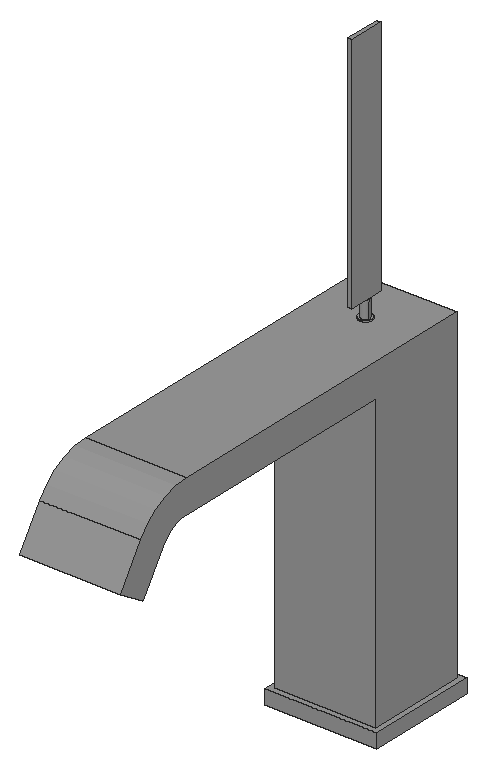
Revit family "Kohler Loure 97907T-4ND-CP Family", category Plumbing Fixtures, Revit 2018
Family settings
  Round Connector Dimension = Use Diameter
  Part Type = Normal
  Work Plane-Based = No
  Always vertical = Yes
  Cut with Voids When Loaded = No
  Shared = No
  Room Calculation Point = No
Parameters (values of type "Kohler Loure 97907T-4ND-CP")
  URL = "www.africa.kohler.com"
  Telephone = "011 050 9000"  # constant formula
  Model = "Kohler Loure 97907T-4ND-CP"  # constant formula
  Material = Chrome
  Manufacturer = "Kohler Co"  # constant formula
  Height = 219.25 mm
  Email = "contact.africa@kohler.com"  # constant formula
  Disclaimer = "Although care has been taken to ensure, to the best of our knowledge, that all data and information contained herein is accurate to the extent that it relates to either matters of fact or accepted practice at the time of issue. MDFC (Pty) Ltd assumes no responsibility for any errors in, or misinterpretation of, such data and/ or information or any loss or damage arising from, or related to its use."  # constant formula
  Depth = 135 mm
  Company Address = "Block C Unit 2, Coachman’s Crossing Office Park, 4 Brian St, Lyme Park, Johannesburg, 2191"  # constant formula
Reference planes
  plane 1 "Center (Front/Back)": y = 0
  plane 2: z = 0
  plane 3 "Center (Left/Right)": x = 0
Forms (mm)
  Extrusion 1, solid, material "Chrome" <- "Material"
    sketch origin (220.475, -177.196, 0) x (1, 0, 0) y (0, 1, 0)
      loop
        line (-238.913, 195.696) -> (-238.913, 158.696) -> (-201.913, 158.696) -> (-201.913, 195.696) -> (-238.913, 195.696)
    from 0 to 125
  Extrusion 2, solid, material "Chrome" <- "Material"
    sketch origin (0, -0.25, 0) x (1, 0, 0) y (0, 1, 0)
      loop
        circle (0, 0) r 1.5
    from 125 to 131.233
  Extrusion 3, solid, material "Chrome" <- "Material"
    sketch origin (0, -0.25, 0) x (1, 0, 0) y (0, 1, 0)
      loop
        line (-0.81, 6.358) -> (-0.81, -6.979) -> (0.749, -6.979) -> (0.749, 6.358) -> (-0.81, 6.358)
    from 131.233 to 219.25
  Extrusion 4, solid, material "Chrome" <- "Material"
    sketch origin (0, 0, 0) x (0, 1, 0) y (0, 0, 1)
      loop
        line (18.5, 125) -> (-105.046, 125)
        arc (-105.046, 125) -> (-116.893, 122.014) -> (-125.911, 113.771) r 25
        line (-125.911, 113.771) -> (-135, 100) -> (-124.985, 93.39) -> (-115.896, 107.161)
        arc (-115.896, 107.161) -> (-111.207, 111.448) -> (-105.046, 113) r 13
        line (-105.046, 113) -> (18.5, 113) -> (18.5, 125)
    from -18.438 to 18.562
  Extrusion 5, solid, material "Chrome" <- "Material"
    sketch origin (0, 0, 0) x (1, 0, 0) y (0, 1, 0)
      loop
        line (-20.438, 20.5) -> (-20.438, -20.5) -> (20.562, -20.5) -> (20.562, 20.5) -> (-20.438, 20.5)
    from 0 to 5.12
  Extrusion 6, solid, material "Chrome" <- "Material"
    sketch origin (0, 0, 0) x (1, 0, 0) y (0, 1, 0)
      loop
        circle (0, -0.25) r 2.485
      loop
        circle (0, -0.25) r 1.5
    from 113 to 125.266
Cuts and joins
  joined: Extrusion 1, Extrusion 4, Extrusion 5
  joined: Extrusion 2, Extrusion 3
Lines and regions (mm)
  reference lines
    curve 1: line (0, -135, -520.992) -> (0, -135, 2741.474)
    curve 2: line (0, -2826.516, 100) -> (0, 1442.421, 100)
Dimensions and locks
  "Height": cut or joined group of Extrusion 2, Extrusion 3 to cut or joined group of Extrusion 1, Extrusion 4, Extrusion 5
  "Depth": cut or joined group of Extrusion 1, Extrusion 4, Extrusion 5 to plane 1 "Center (Front/Back)"
  aligned and locked: level to plane 2
  aligned and locked: Extrusion 2 to Extrusion 1
  aligned and locked: Extrusion 3 to Extrusion 2
  aligned and locked: Extrusion 1 to Extrusion 4
  aligned and locked: Extrusion 4 to Extrusion 1
Automatic sketch dimensions
  Extrusion 1 sketch curve to plane 3 "Center (Left/Right)" = 18.438 mm
  plane 3 "Center (Left/Right)" to Extrusion 1 sketch curve = 18.562 mm
  plane 1 "Center (Front/Back)" to Extrusion 1 sketch curve = 18.5 mm
  Extrusion 1 sketch curve to plane 1 "Center (Front/Back)" = 18.5 mm
  Extrusion 2 sketch curve to plane 3 "Center (Left/Right)" = 0 mm
  plane 1 "Center (Front/Back)" to Extrusion 2 sketch curve = 0.25 mm
  Extrusion 3 sketch curve to plane 3 "Center (Left/Right)" = 0.81 mm
  plane 3 "Center (Left/Right)" to Extrusion 3 sketch curve = 0.749 mm
  plane 1 "Center (Front/Back)" to Extrusion 3 sketch curve = 7.229 mm
  Extrusion 3 sketch curve to plane 1 "Center (Front/Back)" = 6.108 mm
  level to curve 2 = 100 mm
  plane 1 "Center (Front/Back)" to curve 2 = 2826.516 mm
  plane 1 "Center (Front/Back)" to curve 1 = 135 mm
  curve 2 to plane 1 "Center (Front/Back)" = 1442.421 mm
  curve 1 to level = 520.992 mm
  level to curve 1 = 2741.474 mm
  Extrusion 4 sketch curve to Extrusion 4 sketch curve = 0 mm  (x2)
  plane 1 "Center (Front/Back)" to Extrusion 4 sketch curve = 135 mm
  Extrusion 4 sketch curve to Extrusion 4 sketch curve = 9.089 mm
  Extrusion 4 sketch curve to Extrusion 4 sketch curve = 10.015 mm  (x2)
  Extrusion 4 sketch curve to Extrusion 4 sketch curve = 10.85 mm
  Extrusion 4 sketch curve to plane 1 "Center (Front/Back)" = 18.5 mm
  level to Extrusion 4 sketch curve = 93.39 mm
  Extrusion 4 sketch curve to Extrusion 4 sketch curve = 6.61 mm
  Extrusion 4 sketch curve to Extrusion 4 sketch curve = 7.161 mm
  Extrusion 5 sketch curve to plane 3 "Center (Left/Right)" = 20.438 mm
  plane 3 "Center (Left/Right)" to Extrusion 5 sketch curve = 20.562 mm
  plane 1 "Center (Front/Back)" to Extrusion 5 sketch curve = 20.5 mm
  Extrusion 5 sketch curve to plane 1 "Center (Front/Back)" = 20.5 mm
  Extrusion 6 sketch curve to Extrusion 6 sketch curve = 0 mm  (x2)
  Extrusion 6 sketch curve to plane 3 "Center (Left/Right)" = 0 mm
  plane 1 "Center (Front/Back)" to Extrusion 6 sketch curve = 0.25 mm
  radius of Extrusion 2 sketch curve = 1.5 mm
  radius of Extrusion 6 sketch curve = 2.485 mm
  radius of Extrusion 6 sketch curve = 1.5 mm
